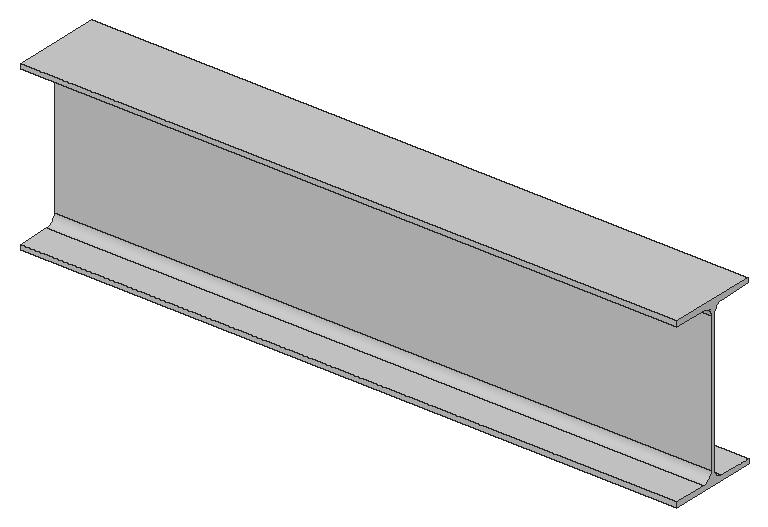
Revit family "W-Wide Flange", category Structural Framing, Revit 2018
Family settings
  Structural Framing Length Roundoff = 0' - 0"
  Section Shape = Not Defined
  Material for Model Behavior = Steel
  Always export as geometry = No
  OmniClass Number = 23.25.30.11.14.14
  OmniClass Title = Beams
  Always vertical = Yes
  Cut with Voids When Loaded = No
  Symbolic Representation = From Project Settings
  Shared = No
  Show family pre-cut in plan views = Yes
Parameters (values of type "W12X26")
  W = 26
  Structural Material [instance] = Steel ASTM A992
  Assembly Code = "B10"
  Length [instance] = 5' - 0"
  bf = 0' - 6 125/256"
  d = 1' - 0 7/32"
  k = 0' - 1 1/16"
  k2 = k - tf  # 0' - 0 175/256"
  tf = 0' - 0 97/256"
  tw = 0' - 0 59/256"
  A = 7.65 in²
Reference planes (in)
  plane 1 "Center (Front/Back)": y = 0
  plane 2: z = 0
  plane 3 "Center (Left/Right)": x = 0.1815
  plane 4 "Member Left": x = -23.8185
  plane 5 "Member Right": x = 24.1815
  plane 6: y = 3.24414
  plane 7: y = -3.24414
  plane 8 "Top": z = 6.10937
  plane 9: z = -6.10938
  plane 10 "Left": x = -29.8185
  plane 11 "Right": x = 30.1815
Forms (in)
  Sweep 1, solid, material "Steel ASTM A992" <- "Structural Material", detail levels medium
    path origin (0, 0, 0) x (1, 0, 0) y (0, 1, 0)
      loop
        line (24.1815, 0) -> (-23.8185, 0)
    profile "W-Wide Flange-Profile-Medium : W-Wide Flange-Profile-Medium" origin (0.1815, 0, 0) x (0, -1, 0) y (0, 0, 1)
      loop
        line (-3.24414, -6.10938) -> (3.24414, -6.10938) -> (3.24414, -5.73047) -> (0.11523, -5.73047) -> (0.11523, 5.73047) -> (3.24414, 5.73047) -> (3.24414, 6.10937) -> (-3.24414, 6.10937) -> (-3.24414, 5.73047) -> (-0.11523, 5.73047) -> (-0.11523, -5.73047) -> (-3.24414, -5.73047) -> (-3.24414, -6.10938)
  Sweep 2, solid, material "Steel ASTM A992" <- "Structural Material", detail levels fine
    path origin (0, 0, 0) x (1, 0, 0) y (0, 1, 0)
      loop
        line (24.1815, 0) -> (-23.8185, 0)
    profile "W-Wide Flange-Profile-Fine : W-Wide Flange-Profile-Fine" origin (0.1815, 0, 0) x (0, -1, 0) y (0, 0, 1)
      loop
        line (-3.24414, -6.10938) -> (3.24414, -6.10938) -> (3.24414, -5.73047) -> (0.79883, -5.73047)
        arc (0.79883, -5.73047) -> (0.31545, -5.53025) -> (0.11523, -5.04688) r 0.68359
        line (0.11523, -5.04688) -> (0.11523, 5.04687)
        arc (0.11523, 5.04687) -> (0.31545, 5.53025) -> (0.79883, 5.73047) r 0.68359
        line (0.79883, 5.73047) -> (3.24414, 5.73047) -> (3.24414, 6.10937) -> (-3.24414, 6.10937) -> (-3.24414, 5.73047) -> (-0.79883, 5.73047)
        arc (-0.79883, 5.73047) -> (-0.31545, 5.53025) -> (-0.11523, 5.04687) r 0.68359
        line (-0.11523, 5.04687) -> (-0.11523, -5.04688)
        arc (-0.11523, -5.04688) -> (-0.31545, -5.53025) -> (-0.79883, -5.73047) r 0.68359
        line (-0.79883, -5.73047) -> (-3.24414, -5.73047) -> (-3.24414, -6.10938)
Lines and regions (in)
  symbolic lines, style "Stick Symbols", detail levels coarse
    curve 1: line (0.1815, 0, -6.10938) -> (0.1815, 0, 6.10937)
    curve 2: line (0.1815, 3.24414, 6.10937) -> (0.1815, -3.24414, 6.10937)
    curve 3: line (0.1815, -3.24414, -6.10938) -> (0.1815, 3.24414, -6.10938)
  symbolic lines, style "Hidden Faces", detail levels medium+fine
    curve 4: line (-23.8185, -0.11523, 0) -> (24.1815, -0.11523, 0)
    curve 5: line (-23.8185, 0.11523, 0) -> (24.1815, 0.11523, 0)
Dimensions and locks (in)
  "bf": plane 6 to plane 7
  "d": plane 9 to plane 8 "Top"
  equal spacing: plane 9, plane 2, plane 8 "Top"
  equal spacing: plane 6, plane 1 "Center (Front/Back)", plane 7
  "Length": plane 10 "Left" to plane 11 "Right"
  "tw": curve 4 to curve 5
  equal spacing: curve 4, plane 1 "Center (Front/Back)", curve 5
  aligned and locked: Sweep 1 sketch curve to plane 1 "Center (Front/Back)"
  aligned and locked: Sweep 2 sketch curve to plane 1 "Center (Front/Back)"
  aligned and locked: Sweep 2 to curve 2  (x2)
  aligned and locked: curve 2 to Sweep 2
  aligned and locked: Sweep 2 to curve 3  (x2)
  aligned and locked: curve 3 to Sweep 2
  aligned and locked: plane 4 "Member Left" to Sweep 2 sketch curve
  aligned and locked: plane 5 "Member Right" to Sweep 2 sketch curve
  aligned and locked: plane 4 "Member Left" to Sweep 1 sketch curve
  aligned and locked: plane 5 "Member Right" to Sweep 1 sketch curve
  aligned and locked: plane 4 "Member Left" to curve 5
  aligned and locked: plane 4 "Member Left" to curve 4
  aligned and locked: plane 5 "Member Right" to curve 5
  aligned and locked: plane 5 "Member Right" to curve 4
Automatic sketch dimensions
  curve 1 to plane 1 "Center (Front/Back)" = 0' - 0"
